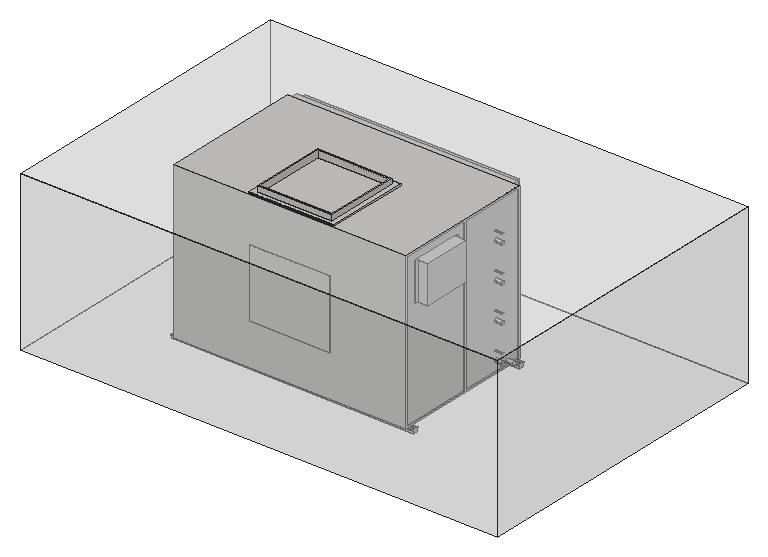
Revit family "outputfile", category 機械設備, Revit 2024
Family settings
  丸型コネクタ寸法 = 半径を使用
  パーツ タイプ = 標準
  OmniClass 番号 = 23.75.10.24.21.27.27
  OmniClass タイトル = Split System Air Conditioning Units
  作業面ベース = いいえ
  常に垂直 = はい
  ロード時にボイドで切り取り = いいえ
  注釈の向きを維持 = いいえ
  共有 = いいえ
  部屋計算ポイント = はい
Parameters (values of type "4FGN500HYL")
  Description = ""
  書き出し IFC クラス(タイプ) = "IfcUnitaryEquipmentType"
  定義済み IFC タイプ(タイプ) = "AIRCONDITIONINGUNIT"
  Cost = 0
  Type Comments = ""
  Keynote = ""
  Type Image = (empty or 0)
  Assembly Code = ""
  switch_frequency = yes
  lw_power = 1126.5 mm
  lw_frontpanel = 754 mm
  lw_box_front = 1067 mm
  lw_box = 117 mm
  lw_SA = 0 mm
  lw_RA = 1057 mm
  lw_Pipe = if([400-500], 20 mm, 0 mm)  # 20 mm
  lh_liquidpipe_4 = 216 mm
  lh_liquidpipe_3 = 552 mm
  lh_liquidpipe_2 = 888 mm
  lh_height_SA = 698 mm
  lh_ld_mountinghole_height = 35 mm
  lh_height_RA = 1326 mm
  lh_hangerfixture = 35 mm
  lh_gaspipe_4 = 136 mm
  lh_gaspipe_3 = 472 mm
  lh_gaspipe_2 = 808 mm
  lh_frontpanel_bottom = 429 mm
  lh_frontpanel = 642 mm
  lh_box_top = 90 mm
  lh_box = 351 mm
  lh_SA = 1546 mm
  lh_RA = 788 mm
  ld_void = 680 mm
  ld_frontpanel = 0 mm
  ld_depth_SA = 409 mm
  ld_depth_RA = 130 mm
  ld_box_left = 114 mm
  ld_box = 490 mm
  frontpanel_right = 377 mm
  connector_voltage = Voltage_60Hz  # 380 V
  connector_powerinput = [Power Input (Cooling)]  # 53.690 kW
  connector_phase = Phase_60Hz  # 3
  製造元 = "Daikin"
  モデル = "4FGN500HYL"
  w_pipe = 33 mm
  r_Liquid Pipe Size = Liquid Pipe Size / 2  # 6.35 mm
  r_Gas Pipe Size = Gas Pipe Size / 2  # 14.3 mm
  r_Drain Pipe Size = Drain Pipe Size / 2  # 17.0 mm
  lw_powersupply = lw_power  # 1126.5 mm
  lw_width_RA = 2004 mm
  lw_width_SA = 694 mm
  lh_suctionflange [instance] = 100 mm
  ld_suctionflange [instance] = 190 mm
  ld_powersupply = 359 mm
  Voltage_comment_60Hz = "380"
  Voltage_60Hz = 380 V
  URL = ""
  Sound Power Level_H speed (dB) = 0
  Phase_60Hz = 3
  Minimum External Static Pressure = 0.00 Pa
  Minimum Circuit Amps_60Hz = 0.0 A
  Maximum Fuse Amps_60Hz = 0.0 A
  Maximum External Static Pressure = 250.00 Pa
  Material_Casing = DAIKIN_GalvanizedSteel_Casing_indoorunit
  lw_liquidpipe = 1137 mm
  lw_gaspipe = 1137 mm
  lw_mountinghole_pitch = 2234 mm
  lw_mountinghole = 2274 mm
  lw_drainpipe = 1137 mm
  lh_powersupply = 1045 mm
  lh_liquidpipe = 1224 mm
  lh_gaspipe = 1144 mm
  lh_mountinghole = 5 mm
  lh_drainpipe = 73 mm
  lh_antena = Height - lh_mountinghole + 1 mm  # 1482 mm
  ld_liquidpipe = 404 mm
  ld_gaspipe = 404 mm
  ld_mountinghole_pitch = 1240 mm
  ld_drainpipe = 539 mm
  ld_controlbox = 626 mm
  h*** = 0 mm  # constant formula
  d_dischargeflange = 60 mm
  Width = 2174 mm
  Version = "ver.1.0"
  Unit Type = "Duct"
  Unit Mass Weight = 580.00 kg
  Unit Designation [instance] = ""
  Uniclass2015Version = "Products v1.30"
  Uniclass2015Title = "Split coil room air conditioning units"
  Uniclass2015Code = "Pr_70_65_03_86"
  Total Cooling Capacity [instance] = 0.000 kW
  Sound Pressure Level_M speed (dBA) = 0
  Sound Pressure Level_L speed (dBA) = 0
  Sound Pressure Level_H speed (dBA) = 68
  Series = "Package Aircon_Fan Coil Unit"
  Sensible Cooling Capacity [instance] = 0.000 kW
  SA Duct Size Width = 694 mm
  SA Duct Size Height = 698 mm
  Refrigerant Type = "R410A"
  RA Duct Size Width = 2004 mm
  RA Duct Size Height = 1326 mm
  Power Input (Cooling) = 53.690 kW
  Option Accessory 3 [instance] = ""
  Option Accessory 2 [instance] = ""
  Option Accessory 1 [instance] = ""
  Nominal Cooling Capacity = 141.852 kW
  Minimum Airflow = 0.00 m³/h
  Median Airflow = 0.00 m³/h
  Maximum Airflow = 25485.00 m³/h
  Load Classification = HVAC
  Liquid Pipe Size = 12.7 mm
  Link_Nested Family [instance] = ""
  IfcVersion = ""
  IfcExportType = "AIRCONDITIONINGUNIT"
  IfcExportAs = "IfcUnitaryEquipmentType"
  Height = 1486 mm
  Heat Exchanger Type = "Cross Fin Coil"
  Gas Pipe Size = 28.6 mm
  Frequency_60Hz = 60 Hz
  Fan Type = "Sirocco Fan"
  Fan Drive = "-"
  FCU Tag No. [instance] = ""
  Drain Pipe Size = 34.0 mm
  Design Supply Airflow [instance] = 0.00 m³/h
  Design Return Airflow [instance] = 0.00 m³/h
  Design External Static Pressure [instance] = 0.00 Pa
  Depth = 1336 mm
  既定の高さ = 0 mm
  Cooling Entering Wet Bulb Temperature [instance] = 0.00 °C
  Cooling Entering Dry Bulb Temperature [instance] = 0.00 °C
  Cooling Ambient Wet Bulb Temperature [instance] = 0.00 °C
  Cooling Ambient Dry Bulb Temperature [instance] = 0.00 °C
  Clearance visibility [instance] = yes
  Clearance Top = 0 mm
  Clearance Right = 1500 mm
  Clearance Rear = 800 mm
  Clearance Left = 800 mm
  Clearance Front = 800 mm
  Clearance Bottom = 0 mm
  600 = no
  400-500 = yes
Reference planes
  plane 1 "Center (Front/Back)": y = 0
  plane 2: z = 0
  plane 3 "Center (Left/Right)": x = 0
  plane 4 "Back": y = 668
  plane 5 "Front": y = -668
  plane 6 "Left": x = -1087
  plane 7 "Right": x = 1087
  plane 8 "Top": z = 0
  plane 9 "Bottom": z = -1486
  plane 10: z = -262
  plane 11: z = -342
  plane 12: x = -1117
  plane 13: x = 1117
  plane 14: x = 1137
  plane 15: x = 1137
  plane 16: z = -1481
  plane 17 "Clearance Left": x = -1887
  plane 18 "Clearance Right": x = 2587
  plane 19 "Clearance Rear": y = 1468
  plane 20 "Clearance Front": y = -1468
  plane 21 "Clearance Bottom": z = -1486
  plane 22: z = -1413
  plane 23 "ld_gas": y = 404
  plane 24: y = 404
  plane 25: y = -30
  plane 26: y = 539
  plane 27: y = 478
  plane 28: x = 1137
  plane 29: y = 620
  plane 30: y = -620
  plane 31: y = -259
  plane 32: y = 798
  plane 33 "Clearance Top": z = 0
  plane 34: z = -441
  plane 35: y = -309
  plane 36 "hangerfixture": z = -1451
  plane 37 "lh_SA": z = 60
  plane 38 "lh_RA": z = -698
  plane 39 "RA_center": x = -30
  plane 40: y = -658
  plane 41: y = 22
  plane 42: y = 658
  plane 43: z = -10
  plane 44: z = -1441
  plane 45: y = 32
  plane 46: y = -658
  plane 47: y = 22
  plane 48: y = 658
  plane 49: z = -10
  plane 50: z = -1441
  plane 51: y = 32
  plane 52: x = 1087
  plane 53: x = 1184
  plane 54: y = -554
  plane 55: y = -534
  plane 56: y = -84
  plane 57: y = -64
  plane 58 "box_bottom": z = -441
  plane 59 "box_top": z = -90
  plane 60: x = -377
  plane 61: x = 377
  plane 62: y = -668
  plane 63: y = -669
  plane 64 "lw_power": x = 1126.5
  plane 65: z = -598
  plane 66: z = -678
  plane 67: z = -934
  plane 68: z = -1014
  plane 69: x = 1067
  plane 70: x = -1067
  plane 71: z = -1057
  plane 72: z = -415
  plane 73: z = -1270
  plane 74: z = -1350
  plane 75: x = 1067
  plane 76 "v": x = 0
  plane 77: x = 1067
  plane 78: x = 1088
Forms (mm)
  Extrusion 1, solid, material "DAIKIN_GalvanizedSteel_Casing_indoorunit" <- "Material_Casing"
    sketch origin (0, -0.8, 0) x (1, 0, 0) y (0, 1, 0)
      loop
        line (-1087, -667.2) -> (1087, -667.2) -> (1087, 668.8) -> (-1087, 668.8) -> (-1087, -667.2)
    from -1451 to 0
  Revolve 2, solid, material "DAIKIN_GalvanizedSteel_Casing_indoorunit" <- "Material_Casing"
    sketch origin (0, 0, -342) x (0, -1, 0) y (1, 0, 0)
      loop
        line (-389.7, 1067) -> (-389.7, 1137) -> (-404, 1137) -> (-404, 1067) -> (-389.7, 1067)
      axis (-404, 1067) -> (-404, 1137)
    angle from 0 to 360
  Revolve 3, solid, material "DAIKIN_GalvanizedSteel_Casing_indoorunit" <- "Material_Casing"
    sketch origin (0, 0, -262) x (0, -1, 0) y (1, 0, 0)
      loop
        line (-404, 1067) -> (-404, 1137) -> (-410.35, 1137) -> (-410.35, 1067) -> (-404, 1067)
      axis (-404, 1137) -> (-404, 1067)
    angle from 0 to 360
  Extrusion 4, solid, material "DAIKIN_GalvanizedSteel_Casing_indoorunit" <- "Material_Casing"
    sketch origin (0, 0, 0) x (0, 1, 0) y (0, 0, 1)
      loop
        circle (539, -1413) r 17
    from 1137 to 1067
  Extrusion 5, void
    sketch origin (1087, 0, 0) x (0, 1, 0) y (0, 0, 1)
      loop
        line (-658, -10) -> (-658, -1441) -> (22, -1441) -> (22, -10) -> (-658, -10)
      loop
        line (658, -10) -> (32, -10) -> (32, -1441) -> (658, -1441) -> (658, -10)
    from 0 to -20
  Extrusion 6, void
    sketch origin (-1087, 0, 0) x (0, 1, 0) y (0, 0, 1)
      loop
        line (-658, -10) -> (-658, -1441) -> (22, -1441) -> (22, -10) -> (-658, -10)
      loop
        line (658, -10) -> (32, -10) -> (32, -1441) -> (658, -1441) -> (658, -10)
    from 0 to 20
  Extrusion 7, solid, material "DAIKIN_GalvanizedSteel_Casing_indoorunit" <- "Material_Casing"
    sketch origin (0, 0, 0) x (1, 0, 0) y (0, 1, 0)
      loop
        line (1067, -554) -> (1087, -554) -> (1087, -534) -> (1184, -534) -> (1184, -84) -> (1087, -84) -> (1087, -64) -> (1067, -64) -> (1067, -554)
    from -441 to -90
  Extrusion 8, solid, material "DAIKIN_GalvanizedSteel_Casing_indoorunit" <- "Material_Casing"
    sketch origin (0, 0, -1486) x (-1, 0, 0) y (0, -1, 0)
      loop
        line (377, 669) -> (-377, 669) -> (-377, 668) -> (377, 668) -> (377, 669)
    from 429 to 1071
  Revolve 9, solid, material "DAIKIN_GalvanizedSteel_Casing_indoorunit" <- "Material_Casing"
    sketch origin (0, 0, -678) x (0, -1, 0) y (1, 0, 0)
      loop
        line (-389.7, 1067) -> (-389.7, 1137) -> (-404, 1137) -> (-404, 1067) -> (-389.7, 1067)
      axis (-404, 1067) -> (-404, 1137)
    angle from 0 to 360
  Revolve 10, solid, material "DAIKIN_GalvanizedSteel_Casing_indoorunit" <- "Material_Casing"
    sketch origin (0, 0, -598) x (0, -1, 0) y (1, 0, 0)
      loop
        line (-404, 1067) -> (-404, 1137) -> (-410.35, 1137) -> (-410.35, 1067) -> (-404, 1067)
      axis (-404, 1137) -> (-404, 1067)
    angle from 0 to 360
  Revolve 11, solid, material "DAIKIN_GalvanizedSteel_Casing_indoorunit" <- "Material_Casing"
    sketch origin (0, 0, -1014) x (0, -1, 0) y (1, 0, 0)
      loop
        line (-389.7, 1067) -> (-389.7, 1137) -> (-404, 1137) -> (-404, 1067) -> (-389.7, 1067)
      axis (-404, 1067) -> (-404, 1137)
    angle from 0 to 360
  Revolve 12, solid, material "DAIKIN_GalvanizedSteel_Casing_indoorunit" <- "Material_Casing"
    sketch origin (0, 0, -934) x (0, -1, 0) y (1, 0, 0)
      loop
        line (-404, 1067) -> (-404, 1137) -> (-410.35, 1137) -> (-410.35, 1067) -> (-404, 1067)
      axis (-404, 1137) -> (-404, 1067)
    angle from 0 to 360
  Revolve 13, solid, material "DAIKIN_GalvanizedSteel_Casing_indoorunit" <- "Material_Casing"
    sketch origin (0, 0, -1350) x (0, -1, 0) y (1, 0, 0)
      loop
        line (-389.7, 1067) -> (-389.7, 1137) -> (-404, 1137) -> (-404, 1067) -> (-389.7, 1067)
      axis (-404, 1067) -> (-404, 1137)
    angle from 0 to 360
  Revolve 14, solid, material "DAIKIN_GalvanizedSteel_Casing_indoorunit" <- "Material_Casing"
    sketch origin (0, 25, -1270) x (0, -1, 0) y (1, 0, 0)
      loop
        line (-379, 1067) -> (-379, 1137) -> (-385.35, 1137) -> (-385.35, 1067) -> (-379, 1067)
      axis (-379, 1137) -> (-379, 1067)
    angle from 0 to 360
  Extrusion 15, solid, material "DAIKIN_GalvanizedSteel_Casing_indoorunit" <- "Material_Casing", visible <- "600"
    sketch origin (0, 0, 0) x (0, 1, 0) y (0, 0, 1)
      loop
        line (18, -1431) -> (18, -20) -> (-2, -20) -> (-2, -1431) -> (18, -1431)
    from 1087 to 1088
  Extrusion 16, solid, material "DAIKIN_GalvanizedSteel_Casing_indoorunit" <- "Material_Casing", visible <- "600"
    sketch origin (0, 0, 0) x (0, 1, 0) y (0, 0, 1)
      loop
        line (-643, -600) -> (-25, -600) -> (-25, -577.7) -> (-643, -577.7) -> (-643, -600)
    from 1087 to 1088
Cuts and joins
  Extrusion 5, Extrusion 6 cuts Extrusion 1
  Extrusion 6 cuts Revolve 2
  Extrusion 6 cuts Revolve 3
  Extrusion 6 cuts Extrusion 4
Dimensions and locks
  equal spacing: plane 12, plane 3 "Center (Left/Right)", plane 13
  "lw_mountinghole_pitch": plane 12 to plane 13
  "lh_liquidpipe": plane 10 to plane 9 "Bottom"
  "lh_gaspipe": plane 11 to plane 9 "Bottom"
  equal spacing: plane 6 "Left", plane 3 "Center (Left/Right)", plane 7 "Right"
  "Width": plane 6 "Left" to plane 7 "Right"
  "Clearance Right": plane 7 "Right" to plane 18 "Clearance Right"
  "Clearance Left": plane 17 "Clearance Left" to plane 6 "Left"
  "Clearance Rear": plane 19 "Clearance Rear" to plane 4 "Back"
  "Clearance Front": plane 5 "Front" to plane 20 "Clearance Front"
  "Depth": plane 4 "Back" to plane 5 "Front"
  equal spacing: plane 4 "Back", plane 1 "Center (Front/Back)", plane 5 "Front"
  "ld_suctionflange": plane 4 "Back" to plane 27
  "r_Liquid Pipe Size": nested 5 to Revolve 3 sketch curve
  equal spacing: plane 29, plane 1 "Center (Front/Back)", plane 30
  "ld_mountinghole_pitch": plane 29 to plane 30
  "lw_liquidpipe": plane 3 "Center (Left/Right)" to plane 14
  "lw_gaspipe": plane 3 "Center (Left/Right)" to plane 15
  "lw_drainpipe": plane 3 "Center (Left/Right)" to plane 28
  "lh_drainpipe": plane 22 to plane 9 "Bottom"
  "Clearance Top": plane 33 "Clearance Top" to plane 8 "Top"
  "Clearance Bottom": plane 9 "Bottom" to plane 21 "Clearance Bottom"
  "lh_powersupply": plane 34 to plane 9 "Bottom"
  plane 8 "Top" to level = 0 mm
  "lh_hangerfixture": plane 36 "hangerfixture" to plane 9 "Bottom"
  "lh_SA": plane 37 "lh_SA" to plane 9 "Bottom"
  "ld_depth_RA": plane 32 to plane 4 "Back"
  "lh_RA": plane 38 "lh_RA" to plane 9 "Bottom"
  "lw_RA": plane 6 "Left" to plane 39 "RA_center"
  locked: plane 36 "hangerfixture" to plane 44 at 10
  plane 5 "Front" to plane 40 = 10 mm
  locked: plane 8 "Top" to plane 43 at 10
  plane 42 to plane 4 "Back" = 10 mm
  "ld_void": plane 40 to plane 41
  "ld_void": plane 46 to plane 47
  plane 5 "Front" to plane 46 = 10 mm
  plane 48 to plane 4 "Back" = 10 mm
  locked: plane 8 "Top" to plane 49 at 10
  locked: plane 50 to plane 36 "hangerfixture" at 10
  "ld_box_left": plane 54 to plane 5 "Front"
  "ld_box": plane 57 to plane 54
  locked: plane 55 to plane 54 at 20
  locked: plane 57 to plane 56 at 20
  locked: plane 75 to plane 52 at 20
  "lh_box_top": plane 8 "Top" to plane 59 "box_top"
  "lh_box": plane 59 "box_top" to plane 58 "box_bottom"
  "lw_power": plane 3 "Center (Left/Right)" to plane 64 "lw_power"
  "lh_gaspipe_2": plane 66 to plane 9 "Bottom"
  "lh_liquidpipe_2": plane 65 to plane 9 "Bottom"
  "ld_drainpipe": plane 26 to plane 1 "Center (Front/Back)"
  "ld_gaspipe": plane 23 "ld_gas" to plane 1 "Center (Front/Back)"
  "r_Gas Pipe Size": plane 23 "ld_gas" to Revolve 9 sketch curve
  "r_Gas Pipe Size": plane 23 "ld_gas" to Revolve 2 sketch curve
  "r_Liquid Pipe Size": Revolve 10 sketch curve to plane 24
  "ld_liquidpipe": plane 24 to plane 1 "Center (Front/Back)"
  "ld_depth_SA": plane 31 to plane 5 "Front"
  "Height": plane 8 "Top" to plane 9 "Bottom"
  "lh_mountinghole": plane 16 to plane 9 "Bottom"
  "lh_gaspipe_3": plane 68 to plane 9 "Bottom"
  "lh_liquidpipe_3": plane 67 to plane 9 "Bottom"
  "lw_box": plane 75 to plane 53
  "lw_Pipe": plane 69 to plane 7 "Right"
  locked: plane 6 "Left" to plane 70 at 20
  "lh_frontpanel_bottom": plane 71 to plane 9 "Bottom"
  "lh_frontpanel": plane 72 to plane 71
  "r_Gas Pipe Size": plane 24 to Revolve 11 sketch curve
  "r_Liquid Pipe Size": Revolve 12 sketch curve to plane 24
  "lw_frontpanel": plane 60 to plane 61
  plane 5 "Front" to plane 63 = 1 mm
  "ld_frontpanel": plane 5 "Front" to plane 62
  locked: plane 41 to plane 45 at 10
  locked: plane 47 to plane 51 at 10
  "lh_gaspipe_4": plane 74 to plane 9 "Bottom"
  "lh_liquidpipe_4": plane 73 to plane 9 "Bottom"
  "r_Gas Pipe Size": Revolve 13 sketch curve to nested 15
  "r_Liquid Pipe Size": nested 5 to Revolve 14 sketch curve
  "lw_box_front": plane 3 "Center (Left/Right)" to plane 75
  "lw_SA": plane 76 "v" to plane 3 "Center (Left/Right)"
  locked: plane 77 to plane 7 "Right" at 20
  "ld_powersupply": plane 35 to plane 5 "Front"
  plane 60 to plane 3 "Center (Left/Right)" = 377 mm
  "frontpanel_right": plane 3 "Center (Left/Right)" to plane 61
  locked: plane 8 "Top" to Extrusion 15 sketch curve at 20
  locked: Extrusion 15 sketch curve to plane 9 "Bottom" at 55
  Extrusion 15 sketch curve to plane 1 "Center (Front/Back)" to Extrusion 15 sketch curve = 2 mm locked, 18 mm locked
  locked: plane 7 "Right" to plane 78 at 1
  locked: Extrusion 16 sketch curve to plane 1 "Center (Front/Back)" at 25
  locked: plane 5 "Front" to Extrusion 16 sketch curve at 25
  locked: Extrusion 16 sketch curve to Extrusion 16 sketch curve at 22.3
  locked: plane 9 "Bottom" to Extrusion 16 sketch curve at 886
  "r_Drain Pipe Size": radius of Extrusion 4 sketch curve
  aligned and locked: level to plane 2
  aligned and locked: plane 8 "Top" to Extrusion 1
  aligned and locked: Revolve 2 sketch curve to Revolve 2 sketch curve
  aligned and locked: plane 14 to nested 5
  aligned and locked: nested 5 to plane 10
  aligned and locked: nested 2 to plane 13
  aligned and locked: nested 3 to plane 12
  aligned and locked: plane 12 to nested 4
  aligned and locked: nested 6 to plane 11
  aligned and locked: plane 23 "ld_gas" to nested 6
  aligned and locked: plane 24 to nested 5
  aligned and locked: Extrusion 4 sketch curve to plane 26
  aligned and locked: nested 10 to plane 19 "Clearance Rear"
  aligned and locked: nested 10 to plane 18 "Clearance Right"
  aligned and locked: nested 10 to plane 17 "Clearance Left"
  aligned and locked: nested 10 to plane 20 "Clearance Front"
  aligned and locked: plane 28 to Extrusion 4
  aligned and locked: plane 15 to nested 6  (x2)
  aligned and locked: plane 13 to nested 1
  aligned and locked: plane 26 to nested 7
  aligned and locked: nested 7 to plane 22
  aligned and locked: nested 7 to plane 28
  aligned and locked: plane 29 to nested 1
  aligned and locked: plane 30 to nested 2
  aligned and locked: nested 4 to plane 29
  aligned and locked: nested 3 to plane 30
  aligned and locked: nested 9 to plane 4 "Back"
  aligned and locked: plane 32 to nested 13
  aligned and locked: nested 10 to plane 33 "Clearance Top"
  aligned and locked: nested 10 to plane 21 "Clearance Bottom"
  aligned and locked: nested 11 to plane 9 "Bottom"
  aligned and locked: plane 36 "hangerfixture" to Extrusion 1
  aligned and locked: Extrusion 1 to plane 5 "Front"
  aligned and locked: Extrusion 1 to plane 4 "Back"
  aligned and locked: plane 38 "lh_RA" to nested 9
  aligned and locked: nested 13 to plane 38 "lh_RA"
  aligned and locked: plane 39 "RA_center" to nested 9
  aligned and locked: nested 13 to plane 39 "RA_center"
  aligned and locked: Extrusion 5 sketch curve to plane 43
  aligned and locked: Extrusion 5 sketch curve to plane 40
  aligned and locked: plane 44 to Extrusion 5 sketch curve
  aligned and locked: Extrusion 5 sketch curve to plane 41
  aligned and locked: plane 43 to Extrusion 5 sketch curve
  aligned and locked: Extrusion 5 sketch curve to plane 42
  aligned and locked: Extrusion 5 sketch curve to plane 44
  aligned and locked: Extrusion 5 sketch curve to plane 45
  aligned and locked: Extrusion 6 sketch curve to plane 49
  aligned and locked: Extrusion 6 sketch curve to plane 46
  aligned and locked: plane 50 to Extrusion 6 sketch curve
  aligned and locked: Extrusion 6 sketch curve to plane 47
  aligned and locked: plane 49 to Extrusion 6 sketch curve
  aligned and locked: Extrusion 6 sketch curve to plane 48
  aligned and locked: Extrusion 6 sketch curve to plane 50
  aligned and locked: Extrusion 6 sketch curve to plane 51
  aligned and locked: plane 57 to Extrusion 7 sketch curve
  aligned and locked: plane 53 to Extrusion 7 sketch curve
  aligned and locked: Extrusion 7 sketch curve to plane 54
  aligned and locked: plane 59 "box_top" to Extrusion 7
  aligned and locked: Extrusion 7 to plane 58 "box_bottom"
  aligned and locked: Extrusion 8 sketch curve to plane 63
  aligned and locked: Extrusion 8 sketch curve to plane 60
  aligned and locked: plane 62 to Extrusion 8 sketch curve
  aligned and locked: plane 61 to Extrusion 8 sketch curve
  aligned and locked: Revolve 9 sketch curve to Revolve 9 sketch curve
  aligned and locked: nested 15 to plane 65
  aligned and locked: nested 16 to plane 66
  aligned and locked: plane 14 to Revolve 10
  aligned and locked: nested 15 to plane 14
  aligned and locked: plane 15 to cut or joined group of Revolve 2, Extrusion 6  (x3)
  aligned and locked: cut or joined group of Revolve 2, Extrusion 6 to plane 15
  aligned and locked: nested 14 to plane 35
  aligned and locked: Revolve 2 sketch curve to plane 23 "ld_gas"
  aligned and locked: plane 23 "ld_gas" to nested 16
  aligned and locked: plane 24 to nested 15
  aligned and locked: plane 37 "lh_SA" to nested 12
  aligned and locked: plane 37 "lh_SA" to nested 8
  aligned and locked: plane 31 to nested 12
  aligned and locked: plane 31 to nested 8
  aligned and locked: plane 52 to Extrusion 7 sketch curve
  aligned and locked: Extrusion 7 sketch curve to plane 55
  aligned and locked: Extrusion 7 sketch curve to plane 56
  aligned and locked: Extrusion 7 sketch curve to plane 52
  aligned and locked: nested 14 to plane 64 "lw_power"
  aligned and locked: nested 14 to plane 34
  aligned and locked: Revolve 11 sketch curve to Revolve 11 sketch curve
  aligned and locked: nested 17 to plane 67
  aligned and locked: nested 18 to plane 68
  aligned and locked: plane 24 to nested 17
  aligned and locked: plane 23 "ld_gas" to nested 18
  aligned and locked: Extrusion 8 to plane 71
  aligned and locked: plane 72 to Extrusion 8
  aligned and locked: Revolve 13 sketch curve to Revolve 13 sketch curve
  aligned and locked: nested 19 to plane 73
  aligned and locked: nested 20 to plane 74
  aligned and locked: plane 69 to Revolve 14
  aligned and locked: Revolve 13 to plane 69
  aligned and locked: Revolve 14 sketch curve to nested 18
  aligned and locked: Revolve 14 sketch curve to nested 5
  aligned and locked: plane 24 to nested 19
  aligned and locked: plane 24 to nested 20
  aligned and locked: Extrusion 7 sketch curve to plane 75
  aligned and locked: plane 1 "Center (Front/Back)" to nested 21
  aligned and locked: plane 3 "Center (Left/Right)" to nested 21
  aligned and locked: nested 21 to plane 9 "Bottom"
  aligned and locked: plane 76 "v" to nested 12
  aligned and locked: nested 12 to nested 8
  aligned and locked: Extrusion 5 to plane 77
  aligned and locked: plane 69 to Revolve 11
  aligned and locked: cut or joined group of Revolve 3, Extrusion 6 to plane 69
  aligned and locked: plane 69 to cut or joined group of Revolve 2, Extrusion 6
  aligned and locked: plane 69 to Revolve 9
  aligned and locked: Revolve 12 to plane 69
  aligned and locked: Revolve 10 to plane 69
  aligned and locked: cut or joined group of Extrusion 4, Extrusion 6 to plane 69
  aligned and locked: Extrusion 15 to plane 7 "Right"
  aligned and locked: plane 78 to Extrusion 15
  aligned and locked: Extrusion 16 to plane 7 "Right"
  aligned and locked: Extrusion 16 to plane 78
Automatic sketch dimensions
  Extrusion 1 sketch curve to plane 4 "Back" = 0 mm
  Extrusion 1 sketch curve to plane 6 "Left" = 0 mm
  Extrusion 1 sketch curve to plane 5 "Front" = 0 mm
  Extrusion 1 sketch curve to plane 7 "Right" = 0 mm
  Revolve 3 sketch curve to plane 23 "ld_gas" = 0 mm  (x2)
  Revolve 3 sketch curve to plane 14 = 0 mm  (x2)
  plane 69 to Revolve 3 sketch curve = 0 mm
  plane 7 "Right" to Revolve 3 sketch curve = 15 mm
  Extrusion 4 sketch curve to plane 22 = 0 mm
  Revolve 10 sketch curve to plane 23 "ld_gas" = 0 mm  (x2)
  Revolve 10 sketch curve to plane 14 = 0 mm  (x2)
  plane 69 to Revolve 10 sketch curve = 0 mm
  plane 7 "Right" to Revolve 10 sketch curve = 15 mm
  Revolve 12 sketch curve to plane 23 "ld_gas" = 0 mm  (x2)
  Revolve 12 sketch curve to plane 14 = 0 mm  (x2)
  plane 69 to Revolve 12 sketch curve = 0 mm
  plane 7 "Right" to Revolve 12 sketch curve = 15 mm
  plane 69 to Revolve 14 sketch curve = 0 mm
  Revolve 14 sketch curve to plane 14 = 0 mm  (x2)
  plane 7 "Right" to Revolve 14 sketch curve = 15 mm
  Revolve 2 sketch curve to plane 69 = 0 mm
  Revolve 2 sketch curve to plane 14 = 0 mm
  plane 78 to Revolve 2 sketch curve = 1.003 mm
  plane 14 to Revolve 2 sketch curve = 1.003 mm
  Revolve 9 sketch curve to plane 23 "ld_gas" = 0 mm
  Revolve 9 sketch curve to plane 69 = 0 mm
  Revolve 9 sketch curve to plane 14 = 0 mm
  plane 78 to Revolve 9 sketch curve = 1.003 mm
  plane 14 to Revolve 9 sketch curve = 1.003 mm
  Revolve 11 sketch curve to plane 23 "ld_gas" = 0 mm
  Revolve 11 sketch curve to plane 69 = 0 mm
  Revolve 11 sketch curve to plane 14 = 0 mm
  plane 78 to Revolve 11 sketch curve = 1.003 mm
  plane 14 to Revolve 11 sketch curve = 1.003 mm
  Revolve 13 sketch curve to plane 23 "ld_gas" = 0 mm
  Revolve 13 sketch curve to plane 69 = 0 mm
  Revolve 13 sketch curve to plane 14 = 0 mm
  plane 78 to Revolve 13 sketch curve = 1.003 mm
  plane 14 to Revolve 13 sketch curve = 1.003 mm
Nested families
  nested 1: "daikin_mountinghole" at (1117, 620, -1486), Link_Nested Family <- "Link_Nested Family", h_mountinghole <- "lh_mountinghole", l_antenna <- "lh_antena", type "daikin_mountinghole"
    with show yes, l_antenna 1482 mm, h_mountinghole 5 mm, Link_Nested Family "", d_circle 23 mm
  nested 2: "daikin_mountinghole" at (1117, -620, -1486), Link_Nested Family <- "Link_Nested Family", h_mountinghole <- "lh_mountinghole", l_antenna <- "lh_antena", type "daikin_mountinghole"
    with show yes, l_antenna 1482 mm, h_mountinghole 5 mm, Link_Nested Family "", d_circle 23 mm
  nested 3: "daikin_mountinghole" at (-1117, -620, -1486), Link_Nested Family <- "Link_Nested Family", h_mountinghole <- "lh_mountinghole", l_antenna <- "lh_antena", type "daikin_mountinghole"
    with show yes, l_antenna 1482 mm, h_mountinghole 5 mm, Link_Nested Family "", d_circle 23 mm
  nested 4: "daikin_mountinghole" at (-1117, 620, -1486), Link_Nested Family <- "Link_Nested Family", h_mountinghole <- "lh_mountinghole", l_antenna <- "lh_antena", type "daikin_mountinghole"
    with show yes, l_antenna 1482 mm, h_mountinghole 5 mm, Link_Nested Family "", d_circle 23 mm
  nested 5: "daikin_connector_rotate2" at (0, 404, -262) x (0, 1, 0) z (0, 0, 1), length <- "lw_liquidpipe", built-in parameter 1001364 <- "lh_liquidpipe", radius <- "r_Liquid Pipe Size", type "daikin_connector_rotate2"
    with radius 6.35 mm, length 1137 mm, angle_vertical 90.00°
  nested 6: "daikin_connector_rotate2" at (0, 404, -342) x (0, 1, 0) z (0, 0, 1), length <- "lw_gaspipe", built-in parameter 1001364 <- "lh_gaspipe", radius <- "r_Gas Pipe Size", type "daikin_connector_rotate2"
    with radius 14.3 mm, length 1137 mm, angle_vertical 90.00°
  nested 7: "daikin_connector_rotate2" at (0, 539, -1413) x (0, 1, 0) z (0, 0, 1), built-in parameter 1001364 <- "lh_drainpipe", length <- "lw_drainpipe", radius <- "r_Drain Pipe Size", type "daikin_connector_rotate2"
    with radius 17 mm, length 1137 mm, angle_vertical 90.00°
  nested 8: "daikin_connector_rotate2" at (0, -259, 0) x (1, 0, 0) z (0, 1, 0), length <- "d_dischargeflange", type "daikin_connector_rotate2"
    with radius 10 mm, length 60 mm, angle_vertical 90.00°
  nested 9: "daikin_ductflange_4FGN-HYL" at (-30, 668, -698), material <- "Material_Casing", width <- "lw_width_RA", height <- "lh_height_RA", depth <- "ld_depth_RA", type "daikin_ductflange_4FGN-HYL"
    with x 35 mm, width 2004 mm, material DAIKIN_GalvanizedSteel_Casing_indoorunit, height 1326 mm, depth 130 mm
  nested 10: "daikin_clearancespace" at (350, 0, -742.881), visible <- "Clearance visibility", show <- "Clearance visibility", Link_Nested Family <- "Link_Nested Family", type "daikin_clearancespace"
    with width 4474 mm, show yes, height 1486 mm, depth 2936 mm, Link_Nested Family ""
  nested 11: "daikin_hangerfixture_4FGN-HYL" at (0, 0, -1486), visible <- "400-500", type "daikin_hangerfixture_4FGN-HYL"
    with width 2234 mm, depth 1240 mm, G 2274 mm
  nested 12: "daikin_ductflange_4FGN-HYL_1" at (0, -448.401, 0) x (1, 0, 0) z (0, 1, 0), width <- "lw_width_SA", material <- "Material_Casing", height <- "lh_height_SA", depth <- "d_dischargeflange", type "daikin_ductflange_4FGN-HYL_1"
    with width 694 mm, t 10 mm, material DAIKIN_GalvanizedSteel_Casing_indoorunit, height 698 mm, depth 60 mm
  nested 13: "daikin_connector_rotate2" at (-30, 668, -698) x (-1, 0, 0) z (0, 0, 1), length <- "ld_depth_RA", type "daikin_connector_rotate2"
    with radius 10 mm, length 130 mm, angle_vertical 90.00°
  nested 14: "daikin_connector_rotate2" at (1126.5, -309, -90) x (0, 1, 0) z (1, 0, 0), length <- "lh_box", type "daikin_connector_rotate2"
    with radius 10 mm, length 351 mm, angle_vertical 90.00°
  nested 15: "daikin_connector_rotate2" at (0, 404, -598) x (0, 1, 0) z (0, 0, 1), length <- "lw_liquidpipe", built-in parameter 1001364 <- "lh_liquidpipe", radius <- "r_Liquid Pipe Size", type "daikin_connector_rotate2"
    with radius 6.35 mm, length 1137 mm, angle_vertical 90.00°
  nested 16: "daikin_connector_rotate2" at (0, 404, -678) x (0, 1, 0) z (0, 0, 1), length <- "lw_gaspipe", built-in parameter 1001364 <- "lh_gaspipe", radius <- "r_Gas Pipe Size", type "daikin_connector_rotate2"
    with radius 14.3 mm, length 1137 mm, angle_vertical 90.00°
  nested 17: "daikin_connector_rotate2" at (0, 404, -934) x (0, 1, 0) z (0, 0, 1), length <- "lw_liquidpipe", built-in parameter 1001364 <- "lh_liquidpipe", radius <- "r_Liquid Pipe Size", type "daikin_connector_rotate2"
    with radius 6.35 mm, length 1137 mm, angle_vertical 90.00°
  nested 18: "daikin_connector_rotate2" at (0, 404, -1014) x (0, 1, 0) z (0, 0, 1), length <- "lw_gaspipe", built-in parameter 1001364 <- "lh_gaspipe", radius <- "r_Gas Pipe Size", type "daikin_connector_rotate2"
    with radius 14.3 mm, length 1137 mm, angle_vertical 90.00°
  nested 19: "daikin_connector_rotate2" at (0, 404, -1270) x (0, 1, 0) z (0, 0, 1), length <- "lw_liquidpipe", built-in parameter 1001364 <- "lh_liquidpipe", radius <- "r_Liquid Pipe Size", type "daikin_connector_rotate2"
    with radius 6.35 mm, length 1137 mm, angle_vertical 90.00°
  nested 20: "daikin_connector_rotate2" at (0, 404, -1350) x (0, 1, 0) z (0, 0, 1), length <- "lw_gaspipe", built-in parameter 1001364 <- "lh_gaspipe", radius <- "r_Gas Pipe Size", type "daikin_connector_rotate2"
    with radius 14.3 mm, length 1137 mm, angle_vertical 90.00°
  nested 21: "daikin_hangerfixture_4FGN-HYL_2" at (0, 0, -1486), visible <- "600", type "daikin_hangerfixture_4FGN-HYL"
    with depth 1240 mm
Connectors
  piping at (1137, 404, -342), diameter 28.6, driven by "r_Gas Pipe Size"
    settings: on nested 6, index 1, connector inside diameter 609.6 mm, connector length 0 mm, flow factor 0, pipe flow 0.00 m³/h, pressure drop 0.0 Pa, fitting loss kfactor 0, connector angle 0.00°, fixture units 0, engagement length 0 mm, angle of deflection 0.00°, flow configuration 1, flow direction 2, fitting loss method 0, system type 29, joint type 0, gender type 0, connector reference index -1, connector utility 0, adjustable connector no, is connector primary yes, connector description "Refrigerant Gas Piping"
  piping at (1137, 404, -262), diameter 12.7, driven by "r_Liquid Pipe Size"
    settings: on nested 5, index 2, connector inside diameter 609.6 mm, connector length 0 mm, flow factor 0, pipe flow 0.00 m³/h, pressure drop 0.0 Pa, fitting loss kfactor 0, connector angle 0.00°, fixture units 0, engagement length 0 mm, angle of deflection 0.00°, flow configuration 1, flow direction 1, fitting loss method 0, system type 29, joint type 0, gender type 0, connector reference index -1, connector utility 0, adjustable connector no, is connector primary no, connector description "Refrigerant Liquid Piping"
  piping at (1137, 539, -1413), diameter 34, driven by "r_Drain Pipe Size"
    settings: on nested 7, index 3, connector inside diameter 609.6 mm, connector length 0 mm, flow factor 0, pipe flow 0.00 m³/h, pressure drop 0.0 Pa, fitting loss kfactor 0, connector angle 0.00°, fixture units 0, engagement length 0 mm, angle of deflection 0.00°, flow configuration 1, flow direction 2, fitting loss method 4, system type 16, joint type 0, gender type 0, connector reference index -1, connector utility 0, adjustable connector no, is connector primary no, connector description "Condensate Drain Piping"
  hvac at (0, -259, 60), driven by "SA Duct Size Height", driven by "SA Duct Size Width"
    settings: on nested 8, index 7, duct flow 0.00 m³/h, flow factor 0, pres drop 0.00 Pa, loss coef 0, conn angle 0.00°, conn width 694.0 mm, conn height 698.0 mm, conn diameter 609.6 mm, duct sys type 1, conn prof type 1, flow config 0, flow direction 2, loss method 4, conn ref index -1, conn util no, is conn primary yes, conn desc "SA Duct"
  hvac at (-30, 798, -698), driven by "RA Duct Size Width", driven by "RA Duct Size Height"
    settings: on nested 13, index 8, duct flow 0.00 m³/h, flow factor 0, pres drop 0.00 Pa, loss coef 0, conn angle 0.00°, conn width 2004.0 mm, conn height 1326.0 mm, conn diameter 609.6 mm, duct sys type 2, conn prof type 1, flow config 0, flow direction 1, loss method 4, conn ref index -1, conn util no, is conn primary no, conn desc "RA Duct"
  electrical at (1126.5, -309, -441), driven by "Load Classification", driven by "connector_phase", driven by "connector_powerinput", driven by "connector_voltage"
    settings: on nested 14, index 9, voltage 380 V, apparent load 53690 VA, apparent load phase1 0 VA, apparent load phase2 0 VA, apparent load phase3 0 VA, power factor 1, load classification "HVAC", number of poles 3, system type 30, power factor state 1, is connector primary yes, connector utility no, sub classification motor no, connector description "Power Supply"
  piping at (1137, 404, -678), diameter 28.6, driven by "r_Gas Pipe Size"
    settings: on nested 16, index 10, connector inside diameter 609.6 mm, connector length 0 mm, flow factor 0, pipe flow 0.00 m³/h, pressure drop 0.0 Pa, fitting loss kfactor 0, connector angle 0.00°, fixture units 0, engagement length 0 mm, angle of deflection 0.00°, flow configuration 1, flow direction 2, fitting loss method 0, system type 29, joint type 0, gender type 0, connector reference index -1, connector utility 0, adjustable connector no, is connector primary no, connector description "Refrigerant Gas Piping"
  piping at (1137, 404, -598), diameter 12.7, driven by "r_Liquid Pipe Size"
    settings: on nested 15, index 11, connector inside diameter 609.6 mm, connector length 0 mm, flow factor 0, pipe flow 0.00 m³/h, pressure drop 0.0 Pa, fitting loss kfactor 0, connector angle 0.00°, fixture units 0, engagement length 0 mm, angle of deflection 0.00°, flow configuration 1, flow direction 1, fitting loss method 0, system type 29, joint type 0, gender type 0, connector reference index -1, connector utility 0, adjustable connector no, is connector primary no, connector description "Refrigerant Liquid Piping"
  piping at (1137, 404, -1014), diameter 28.6, driven by "r_Gas Pipe Size"
    settings: on nested 18, index 12, connector inside diameter 609.6 mm, connector length 0 mm, flow factor 0, pipe flow 0.00 m³/h, pressure drop 0.0 Pa, fitting loss kfactor 0, connector angle 0.00°, fixture units 0, engagement length 0 mm, angle of deflection 0.00°, flow configuration 1, flow direction 2, fitting loss method 0, system type 29, joint type 0, gender type 0, connector reference index -1, connector utility 0, adjustable connector no, is connector primary no, connector description "Refrigerant Gas Piping"
  piping at (1137, 404, -934), diameter 12.7, driven by "r_Liquid Pipe Size"
    settings: on nested 17, index 13, connector inside diameter 609.6 mm, connector length 0 mm, flow factor 0, pipe flow 0.00 m³/h, pressure drop 0.0 Pa, fitting loss kfactor 0, connector angle 0.00°, fixture units 0, engagement length 0 mm, angle of deflection 0.00°, flow configuration 1, flow direction 1, fitting loss method 0, system type 29, joint type 0, gender type 0, connector reference index -1, connector utility 0, adjustable connector no, is connector primary no, connector description "Refrigerant Liquid Piping"
  piping at (1137, 404, -1350), diameter 28.6, driven by "r_Gas Pipe Size"
    settings: on nested 20, index 14, connector inside diameter 609.6 mm, connector length 0 mm, flow factor 0, pipe flow 0.00 m³/h, pressure drop 0.0 Pa, fitting loss kfactor 0, connector angle 0.00°, fixture units 0, engagement length 0 mm, angle of deflection 0.00°, flow configuration 1, flow direction 2, fitting loss method 0, system type 29, joint type 0, gender type 0, connector reference index -1, connector utility 0, adjustable connector no, is connector primary no, connector description "Refrigerant Gas Piping"
  piping at (1137, 404, -1270), diameter 12.7, driven by "r_Liquid Pipe Size"
    settings: on nested 19, index 15, connector inside diameter 609.6 mm, connector length 0 mm, flow factor 0, pipe flow 0.00 m³/h, pressure drop 0.0 Pa, fitting loss kfactor 0, connector angle 0.00°, fixture units 0, engagement length 0 mm, angle of deflection 0.00°, flow configuration 1, flow direction 1, fitting loss method 0, system type 29, joint type 0, gender type 0, connector reference index -1, connector utility 0, adjustable connector no, is connector primary no, connector description "Refrigerant Liquid Piping"
Definition of nested family "daikin_ductflange_4FGN-HYL"
  Parameters (values of type "daikin_ductflange_4FGN-HTL")
    x [instance] = if([400-500], 35 mm, 18.5 mm)  # 35 mm
    width [instance] = 1636 mm
    t1 = if([400-500], 80 mm, 90 mm)  # 80 mm
    material [instance] = none
    height [instance] = 747 mm
    depth [instance] = 130 mm
    b = if([400-500], 6.5 mm, 20 mm)  # 6.5 mm
    a = if([400-500], 20 mm, 18.5 mm)  # 20 mm
    Default Elevation = 0 mm
    600 = no
    400-500 = yes
  Reference planes
    plane 1 "Center (Front/Back)": y = 0
    plane 2: z = 0
    plane 3 "Center (Left/Right)": x = 0
    plane 4: x = -818
    plane 5: x = 818
    plane 6: z = 373.5
    plane 7: z = -373.5
    plane 8: y = 80
    plane 9: y = 130
    plane 10: x = -813
    plane 11: x = 813
    plane 12: z = -368.5
    plane 13: z = 368.5
    plane 14: x = -853
    plane 15: x = 853
    plane 16: z = 393.5
    plane 17: z = -380
  Forms (mm)
    Extrusion 1, solid, material <- "material"
      sketch origin (0, 0, 0) x (1, 0, 0) y (0, 0, 1)
        loop
          line (-853, 393.5) -> (-853, -380) -> (853, -380) -> (853, 393.5) -> (-853, 393.5)
        loop
          line (-813, 368.5) -> (-813, -368.5) -> (813, -368.5) -> (813, 368.5) -> (-813, 368.5)
      from 0 to -80
    Extrusion 2, solid, material <- "material"
      sketch origin (0, 0, 0) x (1, 0, 0) y (0, 0, 1)
        loop
          line (-818, 373.5) -> (-818, -373.5) -> (818, -373.5) -> (818, 373.5) -> (-818, 373.5)
        loop
          line (813, 368.5) -> (-813, 368.5) -> (-813, -368.5) -> (813, -368.5) -> (813, 368.5)
      from -130 to -80
  Cuts and joins
    joined: Extrusion 1, Extrusion 2
  Dimensions and locks
    equal spacing: plane 5, plane 3 "Center (Left/Right)", plane 4
    "width": plane 5 to plane 4
    equal spacing: plane 6, level, plane 7
    "height": plane 6 to plane 7
    "t1": plane 1 "Center (Front/Back)" to plane 8
    "depth": plane 1 "Center (Front/Back)" to plane 9
    plane 6 to plane 13 = 5 mm
    plane 12 to plane 7 = 5 mm
    plane 5 to plane 11 = 5 mm
    plane 10 to plane 4 = 5 mm
    "x": plane 4 to plane 14
    "x": plane 15 to plane 5
    "a": plane 16 to plane 6
    "b": plane 7 to plane 17
    aligned and locked: level to plane 2
    aligned and locked: Extrusion 1 to plane 8
    aligned and locked: plane 1 "Center (Front/Back)" to Extrusion 1
    aligned and locked: Extrusion 2 to plane 9
    aligned and locked: Extrusion 2 to Extrusion 1
    aligned and locked: plane 13 to Extrusion 2 sketch curve
    aligned and locked: plane 11 to Extrusion 2 sketch curve
    aligned and locked: Extrusion 2 sketch curve to plane 12
    aligned and locked: Extrusion 2 sketch curve to plane 10
    aligned and locked: Extrusion 1 sketch curve to plane 16
    aligned and locked: plane 14 to Extrusion 1 sketch curve
    aligned and locked: plane 17 to Extrusion 1 sketch curve
    aligned and locked: Extrusion 1 sketch curve to plane 15
  Automatic sketch dimensions
    Extrusion 2 sketch curve to plane 4 = 0 mm
    Extrusion 2 sketch curve to plane 5 = 0 mm
    Extrusion 2 sketch curve to plane 7 = 0 mm
    Extrusion 2 sketch curve to plane 6 = 0 mm
    plane 4 to Extrusion 1 sketch curve = 5 mm
    Extrusion 1 sketch curve to plane 5 = 5 mm
    plane 7 to Extrusion 1 sketch curve = 5 mm
    Extrusion 1 sketch curve to plane 6 = 5 mm
Definition of nested family "daikin_clearancespace"
  Parameters (values of type "daikin_clearancespace")
    Description = "daikin_clearancespace"
    width [instance] = 1823.963 mm
    show [instance] = yes
    material = none
    height [instance] = 1359.762 mm
    depth [instance] = 880 mm
    Default Elevation = 0 mm
    Link_Nested Family [instance] = ""
  Reference planes
    plane 1 "Center (Front/Back)": y = 0
    plane 2 "Center (Elevation)": z = -0.119
    plane 3 "Center (Left/Right)": x = 0
    plane 4: y = 440
    plane 5: y = -440
    plane 6 "Right": x = 911.982
    plane 7 "Left": x = -911.982
    plane 8 "Top": z = 679.762
    plane 9 "Bottom": z = -680
  Forms (mm)
    Extrusion 1, solid, material <- "material", visible <- "show"
      sketch origin (0, 0, 0) x (1, 0, 0) y (0, 1, 0)
        loop
          line (-911.982, 440) -> (-911.982, -440) -> (911.982, -440) -> (911.982, 440) -> (-911.982, 440)
      from -680 to 679.762
  Lines and regions (mm)
    symbolic lines, visible <- "show"
      curve 1: line (911.982, 440, 0) -> (-911.982, 440, 0)
      curve 2: line (-911.982, 440, 0) -> (-911.982, -440, 0)
      curve 3: line (-911.982, -440, 0) -> (911.982, -440, 0)
      curve 4: line (911.982, -440, 0) -> (911.982, 440, 0)
      curve 5: line (911.982, 0, 679.762) -> (-911.982, 0, 679.762)
      curve 6: line (911.982, 0, -680) -> (911.982, 0, 679.762)
      curve 7: line (-911.982, 0, -680) -> (911.982, 0, -680)
      curve 8: line (-911.982, 0, 679.762) -> (-911.982, 0, -680)
      curve 9: line (0, 440, 679.762) -> (0, -440, 679.762)
      curve 10: line (0, -440, 679.762) -> (0, -440, -680)
      curve 11: line (0, 440, -680) -> (0, 440, 679.762)
      curve 12: line (0, -440, -680) -> (0, 440, -680)
  Dimensions and locks
    "width": plane 7 "Left" to plane 6 "Right"
    "depth": plane 4 to plane 5
    "height": plane 8 "Top" to plane 9 "Bottom"
    equal spacing: plane 7 "Left", plane 3 "Center (Left/Right)", plane 6 "Right"
    equal spacing: plane 4, plane 1 "Center (Front/Back)", plane 5
    equal spacing: plane 8 "Top", plane 2 "Center (Elevation)", plane 9 "Bottom"
    aligned and locked: level to plane 2 "Center (Elevation)"
    aligned and locked: Extrusion 1 sketch curve to plane 4
    aligned and locked: plane 7 "Left" to Extrusion 1 sketch curve
    aligned and locked: Extrusion 1 sketch curve to plane 5
    aligned and locked: Extrusion 1 sketch curve to plane 6 "Right"
    aligned and locked: plane 8 "Top" to Extrusion 1
    aligned and locked: curve 1 to Extrusion 1
    aligned and locked: curve 2 to Extrusion 1
    aligned and locked: curve 3 to Extrusion 1
    aligned and locked: curve 4 to Extrusion 1
    aligned and locked: curve 5 to Extrusion 1
    aligned and locked: curve 6 to Extrusion 1
    aligned and locked: curve 7 to Extrusion 1
    aligned and locked: curve 8 to Extrusion 1
    aligned and locked: curve 9 to Extrusion 1
    aligned and locked: curve 10 to Extrusion 1
    aligned and locked: curve 11 to Extrusion 1
    aligned and locked: curve 12 to Extrusion 1
    aligned and locked: Extrusion 1 to plane 9 "Bottom"
Definition of nested family "daikin_hangerfixture_4FGN-HYL"
  Parameters (values of type "daikin_hangerfixture_2FGN-HTL")
    width = 1826 mm
    material = none
    height = 35 mm
    e = 40 mm
    depth = 974 mm
    Default Elevation = 0 mm
    G = 1866 mm
    E = 50 mm
  Reference planes
    plane 1 "Center (Front/Back)": y = 0
    plane 2: z = 0
    plane 3 "Center (Left/Right)": x = 0
    plane 4: x = 913
    plane 5: x = -913
    plane 6: z = 35
    plane 7: y = 487
    plane 8: y = -487
    plane 9: x = -933
    plane 10: x = 933
    plane 11: y = 527
    plane 12: y = -527
  Forms (mm)
    Extrusion 1, solid
      sketch origin (0, 0, 0) x (0, 1, 0) y (0, 0, 1)
        loop
          line (-499.93, 0) -> (-474.07, 0) -> (-474.07, 30) -> (-463.449, 30) -> (-463.449, 35) -> (-479.07, 35) -> (-479.07, 5) -> (-494.93, 5) -> (-494.93, 35) -> (-512.86, 35) -> (-512.86, 30) -> (-499.93, 30) -> (-499.93, 0)
        loop
          line (499.93, 0) -> (499.93, 30) -> (512.86, 30) -> (512.86, 35) -> (494.93, 35) -> (494.93, 5) -> (479.07, 5) -> (479.07, 35) -> (463.449, 35) -> (463.449, 30) -> (474.07, 30) -> (474.07, 0) -> (499.93, 0)
      from -933 to 933
    Extrusion 2, void
      sketch origin (0, 0, 0) x (1, 0, 0) y (0, 1, 0)
        loop
          circle (-913, 487) r 7.5
        loop
          circle (-913, -487) r 7.5
        loop
          circle (913, -487) r 7.5
        loop
          circle (913, 487) r 7.5
      from 0 to 9
  Cuts and joins
    Extrusion 2 cuts Extrusion 1
  Dimensions and locks
    "width": plane 5 to plane 4
    equal spacing: plane 5, plane 3 "Center (Left/Right)", plane 4
    "depth": plane 8 to plane 7
    equal spacing: plane 8, plane 1 "Center (Front/Back)", plane 7
    "height": plane 6 to level
    "e": plane 7 to plane 11
    "e": plane 12 to plane 8
    equal spacing: plane 9, plane 3 "Center (Left/Right)", plane 10
    "G": plane 9 to plane 10
    Extrusion 1 sketch curve to Extrusion 1 sketch curve to Extrusion 1 sketch curve to plane 8 to Extrusion 1 sketch curve to Extrusion 1 sketch curve to Extrusion 1 sketch curve = 12.93 mm locked, 5 mm locked, 7.93 mm locked, 7.93 mm locked, 5 mm locked, 10.621 mm locked
    Extrusion 1 sketch curve to Extrusion 1 sketch curve to Extrusion 1 sketch curve to plane 7 to Extrusion 1 sketch curve to Extrusion 1 sketch curve to Extrusion 1 sketch curve = 10.621 mm locked, 5 mm locked, 7.93 mm locked, 7.93 mm locked, 5 mm locked, 12.93 mm locked
    aligned and locked: level to plane 2
    aligned and locked: Extrusion 1 to plane 9
    aligned and locked: plane 10 to Extrusion 1
    aligned and locked: plane 7 to Extrusion 2 sketch curve  (x2)
    aligned and locked: plane 5 to Extrusion 2 sketch curve  (x2)
    aligned and locked: plane 8 to Extrusion 2 sketch curve  (x2)
    aligned and locked: plane 4 to Extrusion 2 sketch curve  (x2)
  Automatic sketch dimensions
    Extrusion 1 sketch curve to plane 6 = 0 mm  (x4)
    Extrusion 1 sketch curve to level = 0 mm  (x2)
    Extrusion 1 sketch curve to plane 6 = 5 mm  (x3)
    level to Extrusion 1 sketch curve = 5 mm  (x2)
    Extrusion 1 sketch curve to Extrusion 1 sketch curve = 5 mm
    radius of Extrusion 2 sketch curve = 7.5 mm  (x4)
Definition of nested family "daikin_ductflange_4FGN-HYL_1"
  Parameters (values of type "daikin_ductflange_4FGN-HTL_1")
    width [instance] = 474 mm
    t4 = if([400-500], 10 mm, 1.5 mm)  # 10 mm
    t3 = if([400-500], 40 mm, 30 mm)  # 40 mm
    t2 = if([400-500], 50 mm, 30 mm)  # 50 mm
    t [instance] = if([400-500], 10 mm, 1 mm)  # 10 mm
    material [instance] = none
    height [instance] = 408 mm
    depth [instance] = 60 mm
    Default Elevation = 0 mm
    600 = no
    400-500 = yes
  Reference planes
    plane 1 "Center (Front/Back)": y = 0
    plane 2: z = 189.401
    plane 3 "Center (Left/Right)": x = 0
    plane 4: y = 0
    plane 5: y = -60
    plane 6: y = -10
    plane 7: z = 393.401
    plane 8: z = -14.599
    plane 9: x = -227
    plane 10: x = 227
    plane 11: x = -237
    plane 12: x = 237
    plane 13: z = 383.401
    plane 14: z = -4.599
    plane 15: x = -287
    plane 16: z = 433.401
    plane 17: z = -54.599
    plane 18: x = 287
  Forms (mm)
    Extrusion 1, solid, material <- "material"
      sketch origin (0, 0, 0) x (1, 0, 0) y (0, 0, 1)
        loop
          line (-237, 393.401) -> (-237, -14.599) -> (237, -14.599) -> (237, 393.401) -> (-237, 393.401)
        loop
          line (-227, 383.401) -> (-227, -4.599) -> (227, -4.599) -> (227, 383.401) -> (-227, 383.401)
      from 10 to 60
    Extrusion 2, solid, material <- "material"
      sketch origin (0, 0, 0) x (1, 0, 0) y (0, 0, 1)
        loop
          line (-287, 433.401) -> (-287, -54.599) -> (287, -54.599) -> (287, 433.401) -> (-287, 433.401)
        loop
          line (-227, 383.401) -> (-227, -4.599) -> (227, -4.599) -> (227, 383.401) -> (-227, 383.401)
      from 0 to 10
  Cuts and joins
    joined: Extrusion 1, Extrusion 2
  Dimensions and locks
    plane 4 to plane 1 "Center (Front/Back)" = 0 mm
    "depth": plane 5 to plane 4
    plane 6 to plane 4 = 10 mm
    equal spacing: plane 7, level, plane 8
    "height": plane 7 to plane 8
    equal spacing: plane 10, plane 3 "Center (Left/Right)", plane 9
    "t": plane 9 to plane 11
    "t": plane 12 to plane 10
    "t": plane 7 to plane 13
    "t": plane 14 to plane 8
    "t2": plane 11 to plane 15
    "t2": plane 18 to plane 12
    "t3": plane 16 to plane 7
    "t3": plane 8 to plane 17
    "width": plane 12 to plane 11
    "t4": plane 1 "Center (Front/Back)" to plane 6
    aligned and locked: level to plane 2
    aligned and locked: Extrusion 1 sketch curve to plane 7
    aligned and locked: plane 11 to Extrusion 1 sketch curve
    aligned and locked: plane 8 to Extrusion 1 sketch curve
    aligned and locked: Extrusion 1 sketch curve to plane 12
    aligned and locked: Extrusion 1 sketch curve to plane 13
    aligned and locked: plane 9 to Extrusion 1 sketch curve
    aligned and locked: plane 14 to Extrusion 1 sketch curve
    aligned and locked: Extrusion 1 sketch curve to plane 10
    aligned and locked: plane 6 to Extrusion 1
    aligned and locked: Extrusion 1 to plane 5
    aligned and locked: Extrusion 2 sketch curve to plane 16
    aligned and locked: plane 15 to Extrusion 2 sketch curve
    aligned and locked: plane 17 to Extrusion 2 sketch curve
    aligned and locked: Extrusion 2 sketch curve to plane 18
    aligned and locked: Extrusion 2 sketch curve to Extrusion 1  (x4)
    aligned and locked: Extrusion 2 to plane 1 "Center (Front/Back)"
    aligned and locked: Extrusion 2 to plane 6
  Automatic sketch dimensions
    Extrusion 2 sketch curve to plane 15 = 0 mm
Definition of nested family "daikin_hangerfixture_4FGN-HYL_2"
  Parameters (values of type "daikin_hangerfixture_4FGN-HTL")
    width = 2234 mm
    material = none
    height = 35 mm
    e = 48 mm
    depth = 1679 mm
    Default Elevation = 0 mm
    G = 2274 mm
    E = 50 mm
  Reference planes
    plane 1 "Center (Front/Back)": y = 0
    plane 2: z = 0
    plane 3 "Center (Left/Right)": x = 0
    plane 4: x = 1117
    plane 5: x = -1117
    plane 6: z = 35
    plane 7: y = 839.5
    plane 8: y = -839.5
    plane 9: x = -1137
    plane 10: x = 1137
    plane 11: y = 887.5
    plane 12: y = -887.5
  Forms (mm)
    Extrusion 1, solid
      sketch origin (0, 0, 0) x (0, 1, 0) y (0, 0, 1)
        loop
          line (-864.5, 0) -> (-814.5, 0) -> (-814.5, 32.7) -> (-801.8, 32.7) -> (-801.8, 35) -> (-816.8, 35) -> (-816.8, 2.3) -> (-862.2, 2.3) -> (-862.2, 35) -> (-877.2, 35) -> (-877.2, 32.7) -> (-864.5, 32.7) -> (-864.5, 0)
        loop
          line (814.5, 0) -> (864.5, 0) -> (864.5, 32.7) -> (877.2, 32.7) -> (877.2, 35) -> (862.2, 35) -> (862.2, 2.3) -> (816.8, 2.3) -> (816.8, 35) -> (801.8, 35) -> (801.8, 32.7) -> (814.5, 32.7) -> (814.5, 0)
      from -1137 to 1137
    Extrusion 2, void
      sketch origin (0, 0, 0) x (1, 0, 0) y (0, 1, 0)
        loop
          circle (-1117, 839.5) r 7.5
        loop
          circle (-1117, -839.5) r 7.5
        loop
          circle (1117, -839.5) r 7.5
        loop
          circle (1117, 839.5) r 7.5
      from 0 to 2.3
  Cuts and joins
    Extrusion 2 cuts Extrusion 1
  Dimensions and locks
    "width": plane 5 to plane 4
    equal spacing: plane 5, plane 3 "Center (Left/Right)", plane 4
    "depth": plane 8 to plane 7
    equal spacing: plane 8, plane 1 "Center (Front/Back)", plane 7
    "height": plane 6 to level
    "e": plane 7 to plane 11
    "e": plane 12 to plane 8
    equal spacing: plane 9, plane 3 "Center (Left/Right)", plane 10
    "G": plane 9 to plane 10
    locked: Extrusion 1 sketch curve to Extrusion 1 sketch curve at 15  (x3)
    locked: Extrusion 1 sketch curve to Extrusion 1 sketch curve at 2.3  (x9)
    locked: plane 2 to Extrusion 1 sketch curve at 2.3
    equal spacing: Extrusion 1 sketch curve, plane 8, Extrusion 1 sketch curve
    locked: Extrusion 1 sketch curve to Extrusion 1 sketch curve at 75.4  (x2)
    equal spacing: Extrusion 1 sketch curve, plane 7, Extrusion 1 sketch curve
    aligned and locked: level to plane 2
    aligned and locked: Extrusion 1 to plane 9
    aligned and locked: plane 10 to Extrusion 1
    aligned and locked: plane 7 to Extrusion 2 sketch curve  (x2)
    aligned and locked: plane 5 to Extrusion 2 sketch curve  (x2)
    aligned and locked: plane 8 to Extrusion 2 sketch curve  (x2)
    aligned and locked: plane 4 to Extrusion 2 sketch curve  (x2)
    aligned and locked: Extrusion 1 sketch curve to plane 6  (x2)
    aligned and locked: plane 6 to Extrusion 1 sketch curve  (x2)
    aligned and locked: Extrusion 1 sketch curve to plane 2  (x2)
    aligned and locked: Extrusion 1 to Extrusion 2
  Automatic sketch dimensions
    Extrusion 1 sketch curve to plane 8 = 37.7 mm
    radius of Extrusion 2 sketch curve = 7.5 mm  (x4)
Definition of nested family "daikin_mountinghole"
  Parameters (values of type "daikin_mountinghole")
    Default Elevation = 1219.2 mm
    Type Comments = "mountinghole"
    show [instance] = yes
    material = none
    l_centerline = 100 mm
    l_antenna [instance] = 100 mm
    h_mountinghole [instance] = 0 mm
    d_circle = 30 mm
    Link_Nested Family [instance] = ""
  Reference planes
    plane 1 "Center (Front/Back)": y = 0
    plane 2: z = 0
    plane 3 "Center (Left/Right)": x = 0
    plane 4: y = 50
    plane 5: x = -50
    plane 6: x = 50
    plane 7: y = -50
    plane 8 "h_mountinghole": z = 0
    plane 9: z = 100
  Lines and regions (mm)
    model lines, detail levels fine
      curve 1: circle (0, 0, 0) r 15 normal (0, 0, 1)
      curve 2: line (-50, 0, 0) -> (50, 0, 0)
      curve 3: line (0, 50, 0) -> (0, -50, 0)
    symbolic lines, detail levels fine
      curve 4: circle (0, 0, 0) r 15 normal (0, 0, 1)
      curve 5: line (-50, 0, 0) -> (50, 0, 0)
      curve 6: line (0, 50, 0) -> (0, -50, 0)
    model lines
      curve 7: line (0, 0, 100) -> (0, 0, 0)
  Dimensions and locks
    equal spacing: plane 4, plane 1 "Center (Front/Back)", plane 7
    "l_centerline": plane 4 to plane 7
    equal spacing: plane 5, plane 3 "Center (Left/Right)", plane 6
    "l_centerline": plane 5 to plane 6
    "l_antenna": plane 9 to plane 8 "h_mountinghole"
    "h_mountinghole": plane 8 "h_mountinghole" to plane 2
    "d_circle": diameter of curve 1
    "d_circle": diameter of curve 4
    aligned and locked: level to plane 2
    aligned and locked: plane 1 "Center (Front/Back)" to curve 1
    aligned and locked: plane 3 "Center (Left/Right)" to curve 1
    aligned and locked: plane 1 "Center (Front/Back)" to curve 2
    aligned and locked: curve 3 to plane 3 "Center (Left/Right)"
    aligned and locked: plane 6 to curve 2
    aligned and locked: plane 5 to curve 2
    aligned and locked: plane 4 to curve 3
    aligned and locked: plane 7 to curve 3
    aligned and locked: plane 1 "Center (Front/Back)" to curve 4
    aligned and locked: plane 3 "Center (Left/Right)" to curve 4
    aligned and locked: plane 6 to curve 5
    aligned and locked: plane 5 to curve 5
    aligned and locked: plane 1 "Center (Front/Back)" to curve 5
    aligned and locked: plane 4 to curve 6
    aligned and locked: plane 7 to curve 6
    aligned and locked: curve 6 to plane 3 "Center (Left/Right)"
    aligned and locked: curve 7 to plane 3 "Center (Left/Right)"
    aligned and locked: plane 9 to curve 7
    aligned and locked: plane 8 "h_mountinghole" to curve 7
Definition of nested family "daikin_connector_rotate2"
  Parameters (values of type "daikin_connector_rotate2")
    show_face = no
    radius [instance] = 10 mm
    length [instance] = 600 mm
    d_surface = 10 mm
    angle_vertical [instance] = 90.00°
    Default Elevation = 0 mm
  Reference planes
    plane 1 "Center (Front/Back)": y = 0
    plane 2: z = 0
    plane 3 "Center (Left/Right)": x = 0
  Forms (mm)
    Extrusion 1, solid, visible <- "show_face"
      sketch origin (0, -600, 0) x (1, 0, 0) y (0, 0, 1)
        loop
          circle (0, 0) r 10
      from 0 to -10
  Lines and regions (mm)
    reference lines
      curve 1: line (0, 0, 0) -> (0, -600, 0)
    symbolic lines
      curve 2: circle (0, 0, 0) r 5 normal (0, 0, 1)
    model lines, visible <- "show_face"
      curve 3: line (0, 0, 0) -> (0, -600, 0)
  Dimensions and locks
    "length": curve 1 to curve 1
    "length": curve 3 to curve 3
    "d_surface": Extrusion 1 to Extrusion 1
    "radius": radius of Extrusion 1 sketch curve
    "angle_vertical": angle curve 1 to plane 1 "Center (Front/Back)"
    "angle_vertical": angle curve 3 to plane 1 "Center (Front/Back)"
    aligned and locked: level to plane 2
    aligned and locked: plane 1 "Center (Front/Back)" to curve 1
    aligned and locked: plane 2 to curve 1
    aligned and locked: plane 1 "Center (Front/Back)" to curve 2
    aligned and locked: plane 3 "Center (Left/Right)" to curve 2
    aligned and locked: plane 1 "Center (Front/Back)" to curve 3
    aligned and locked: plane 2 to curve 3
    aligned and locked: Extrusion 1 to Extrusion 1
  Automatic sketch dimensions
    Extrusion 1 sketch curve to level = 0 mm
    Extrusion 1 sketch curve to plane 3 "Center (Left/Right)" = 0 mm
    radius of curve 2 = 5 mm
